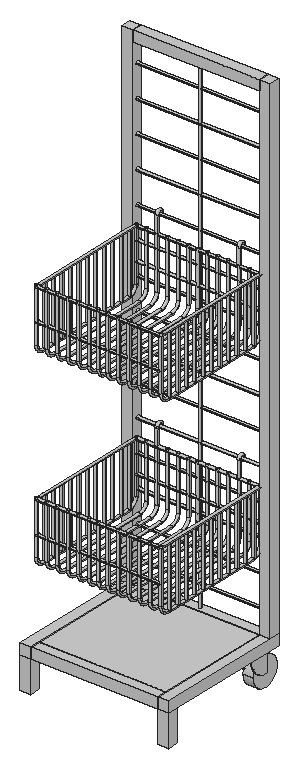
Revit family "TD", category Specialty Equipment, Revit 2012
Parameters (values of type "Trial Size Basket Displayer (Default)")
  URL = "http://madixinc.com/display/freestanding.html"
  Model = "Trial Size Basket Displayer"
  Manufacturer = "© 2012 Madix, Inc. All rights reserved."
  Baskets [instance] = yes
Reference planes (in)
  plane 1 "Center (Front/Back)": y = 0
  plane 2: z = 0
  plane 3 "Center (Left/Right)": x = 0
  plane 4: x = -7
  plane 5: x = 7
  plane 6: y = 6.5
  plane 7: y = -6.5
  plane 8: z = 3
  plane 9: z = 4
  plane 10: z = 51
  plane 11: x = -6
  plane 12: x = 6.875
  plane 13: x = 5.875
  plane 14: x = 5.75
  plane 15: z = 50
  plane 16: z = 27
  plane 17: x = 6
  plane 18: z = 16.38553
  plane 19: z = 10.62394
  plane 20: z = 17.75
  plane 21: z = 34.38553
  plane 22: z = 28.62394
  plane 23: z = 35.75
  plane 24: x = 6
Forms (in)
  Extrusion 1, solid, material "Metal - Steel"
    sketch origin (0, 0, 0) x (1, 0, 0) y (0, 1, 0)
      loop
        line (-7, 6.5) -> (-7, -6.5) -> (-6, -6.5) -> (-6, 6.5) -> (-7, 6.5)
      loop
        line (7, 6.5) -> (6, 6.5) -> (6, -6.5) -> (7, -6.5) -> (7, 6.5)
    from 3 to 4
  Extrusion 2, solid, material "Metal - Steel"
    sketch origin (0, 0, 0) x (1, 0, 0) y (0, 1, 0)
      loop
        line (-6, 6.5) -> (-7, 6.5) -> (-7, 5.5) -> (-6, 5.5) -> (-6, 6.5)
      loop
        line (6, 6.5) -> (6, 5.5) -> (7, 5.5) -> (7, 6.5) -> (6, 6.5)
    from 4 to 51
  Extrusion 3, solid, material "Metal - Steel"
    sketch origin (0, 0, 0) x (1, 0, 0) y (0, 1, 0)
      loop
        line (-7, -6.5) -> (-6, -6.5) -> (-6, -5.5) -> (-7, -5.5) -> (-7, -6.5)
      loop
        line (7, -6.5) -> (7, -5.5) -> (6, -5.5) -> (6, -6.5) -> (7, -6.5)
    from 0 to 3
  Extrusion 4, solid, material "Metal - Steel"
    sketch origin (0, 0, 0) x (1, 0, 0) y (0, 1, 0)
      loop
        line (-6, 5.5) -> (6, 5.5) -> (6, 6.5) -> (-6, 6.5) -> (-6, 5.5)
      loop
        line (-6, -5.5) -> (-6, -6.5) -> (6, -6.5) -> (6, -5.5) -> (-6, -5.5)
    from 3 to 4
  Extrusion 5, solid, material "Metal - Steel"
    sketch origin (0, 0, 0) x (1, 0, 0) y (0, 1, 0)
      loop
        line (-6, 5.5) -> (-6, -5.5) -> (6, -5.5) -> (6, 5.5) -> (-6, 5.5)
    from 3 to 4
  Extrusion 6, solid, material "Metal - Steel"
    sketch origin (0, 1.625, 0) x (0, 1, 0) y (0, 0, 1)
      loop
        circle (3.5, 1.375) r 1.375
    from 5.875 to 6.875
  Extrusion 7, solid, material "Metal - Steel"
    sketch origin (0, 0, 0) x (0, 1, 0) y (0, 0, 1)
      loop
        line (5.125, 1.25) -> (5.125, 3) -> (3.375, 3)
        arc (3.375, 3) -> (3.88756, 1.76256) -> (5.125, 1.25) r 1.75
    from 6.875 to 7
  Extrusion 8, solid, material "Metal - Steel"
    sketch origin (9.75, 0, 0) x (0, 1, 0) y (0, 0, -1)
      loop
        arc (5.125, -1.25) -> (3.88756, -1.76256) -> (3.375, -3) r 1.75
        line (3.375, -3) -> (5.125, -3) -> (5.125, -1.25)
    from 3.875 to 4
  Extrusion 9, solid, material "Metal - Steel"
    sketch origin (0, 0, 0) x (1, 0, 0) y (0, 1, 0)
      loop
        line (-6, 5.5) -> (6, 5.5) -> (6, 6.5) -> (-6, 6.5) -> (-6, 5.5)
    from 50 to 51
  Extrusion 10, solid, material "Metal - Steel"
    sketch origin (0, 0, 0) x (1, 0, 0) y (0, 1, 0)
      loop
        circle (0, 6) r 0.125
    from 4 to 50
  Extrusion 11, solid, material "Metal - Steel"
    sketch origin (0, 0, 0) x (0, 1, 0) y (0, 0, 1)
      loop
        circle (6, 27) r 0.125
      loop
        circle (6, 30) r 0.125
      loop
        circle (6, 33) r 0.125
      loop
        circle (6, 36) r 0.125
      loop
        circle (6, 39) r 0.125
      loop
        circle (6, 42) r 0.125
      loop
        circle (6, 45) r 0.125
      loop
        circle (6, 48) r 0.125
      loop
        circle (6, 24) r 0.125
      loop
        circle (6, 21) r 0.125
      loop
        circle (6, 18) r 0.125
      loop
        circle (6, 15) r 0.125
      loop
        circle (6, 12) r 0.125
      loop
        circle (6, 9) r 0.125
      loop
        circle (6, 6) r 0.125
    from -6 to 6
  Extrusion 12, solid, material "Metal - Steel"
    sketch origin (-9.75, 0, 0) x (0, 1, 0) y (0, 0, 1)
      loop
        line (5.125, 1.25) -> (5.125, 3) -> (3.375, 3)
        arc (3.375, 3) -> (3.88756, 1.76256) -> (5.125, 1.25) r 1.75
    from 3.875 to 4
  Extrusion 13, solid, material "Metal - Steel"
    sketch origin (0, 1.625, 0) x (0, 1, 0) y (0, 0, -1)
      loop
        circle (3.5, -1.375) r 1.375
    from 5.875 to 6.875
  Extrusion 14, solid, material "Metal - Steel"
    sketch origin (0, 0, 0) x (0, 1, 0) y (0, 0, -1)
      loop
        arc (5.125, -1.25) -> (3.88756, -1.76256) -> (3.375, -3) r 1.75
        line (3.375, -3) -> (5.125, -3) -> (5.125, -1.25)
    from 6.875 to 7
  Sweep 15, solid, material "Metal - Steel", visible <- "Baskets"
    path origin (0, 0, 0) x (0, 1, 0) y (0, 0, 1)
      loop
        line (5.875, 16.5) -> (5.875, 11.5)
        arc (5.875, 11.5) -> (5.58211, 10.79289) -> (4.875, 10.5) r 1
        line (4.875, 10.5) -> (-5.125, 10.5)
        arc (-5.125, 10.5) -> (-5.83211, 10.79289) -> (-6.125, 11.5) r 1
        line (-6.125, 11.5) -> (-6.125, 16.5)
    profile origin (0, 5.875, 14) x (1, 0, 0) y (0, 1, 0)
      loop
        circle (0, -0.125) r 0.125
      loop
        circle (5.875, -0.125) r 0.125
      loop
        circle (4.875, -0.125) r 0.125
      loop
        circle (3.875, -0.125) r 0.125
      loop
        circle (2.875, -0.125) r 0.125
      loop
        circle (1.875, -0.125) r 0.125
      loop
        circle (0.875, -0.125) r 0.125
      loop
        circle (-5.875, -0.125) r 0.125
      loop
        circle (-4.875, -0.125) r 0.125
      loop
        circle (-3.875, -0.125) r 0.125
      loop
        circle (-2.875, -0.125) r 0.125
      loop
        circle (-1.875, -0.125) r 0.125
      loop
        circle (-0.875, -0.125) r 0.125
  Extrusion 16, solid, material "Metal - Steel", visible <- "Baskets"
    sketch origin (0, 0, 0) x (0, 1, 0) y (0, 0, 1)
      loop
        circle (5.75, 16.375) r 0.125
      loop
        circle (-6, 16.375) r 0.125
      loop
        circle (-6, 13.375) r 0.125
      loop
        circle (5.75, 13.375) r 0.125
    from -5.875 to 5.875
  Extrusion 17, solid, material "Metal - Steel", visible <- "Baskets"
    sketch origin (0, 0, 18) x (1, 0, 0) y (0, 0, 1)
      loop
        circle (5.875, 16.375) r 0.125
      loop
        circle (-5.875, 16.375) r 0.12494
    from -5.88539 to 6.00848
  Extrusion 18, solid, material "Metal - Steel", visible <- "Baskets"
    sketch origin (0, 0, 0) x (1, 0, 0) y (0, 1, 0)
      loop
        circle (5.875, -4) r 0.125
      loop
        circle (5.875, -5) r 0.125
      loop
        circle (5.875, -3) r 0.125
      loop
        circle (5.875, -1) r 0.125
      loop
        circle (5.875, -2) r 0.125
      loop
        circle (5.875, 0) r 0.125
      loop
        circle (5.875, 4) r 0.125
      loop
        circle (5.875, 5) r 0.125
      loop
        circle (5.875, 3) r 0.125
      loop
        circle (5.875, 1) r 0.125
      loop
        circle (5.875, 2) r 0.125
      loop
        circle (-5.875, -4) r 0.125
      loop
        circle (-5.875, -5) r 0.125
      loop
        circle (-5.875, -3) r 0.125
      loop
        circle (-5.875, -1) r 0.125
      loop
        circle (-5.875, -2) r 0.125
      loop
        circle (-5.875, 0) r 0.125
      loop
        circle (-5.875, 4) r 0.125
      loop
        circle (-5.875, 5) r 0.125
      loop
        circle (-5.875, 3) r 0.125
      loop
        circle (-5.875, 1) r 0.125
      loop
        circle (-5.875, 2) r 0.125
    from 10.62394 to 16.38553
  Sweep 19, solid, material "Metal - Steel", visible <- "Baskets"
    path origin (0, 0, 0) x (0, 1, 0) y (0, 0, 1)
      loop
        line (5.875, 16.5) -> (5.875, 18)
        arc (5.875, 18) -> (6, 18.125) -> (6.125, 18) r 0.125
        line (6.125, 18) -> (6.125, 17.75)
    profile origin (0, 5.875, 17.25) x (0, -1, 0) y (1, 0, 0)
      loop
        circle (0.125, -3.875) r 0.125
      loop
        circle (0.125, 3.875) r 0.125
  Extrusion 20, solid, material "Metal - Steel", visible <- "Baskets"
    sketch origin (0, 0, 54) x (0, -1, 0) y (1, 0, 0)
      loop
        circle (4, 5.875) r 0.125
      loop
        circle (5, 5.875) r 0.125
      loop
        circle (3, 5.875) r 0.125
      loop
        circle (1, 5.875) r 0.125
      loop
        circle (2, 5.875) r 0.125
      loop
        circle (0, 5.875) r 0.125
      loop
        circle (-4, 5.875) r 0.125
      loop
        circle (-5, 5.875) r 0.125
      loop
        circle (-3, 5.875) r 0.125
      loop
        circle (-1, 5.875) r 0.125
      loop
        circle (-2, 5.875) r 0.125
      loop
        circle (4, -5.875) r 0.125
      loop
        circle (5, -5.875) r 0.125
      loop
        circle (3, -5.875) r 0.125
      loop
        circle (1, -5.875) r 0.125
      loop
        circle (2, -5.875) r 0.125
      loop
        circle (0, -5.875) r 0.125
      loop
        circle (-4, -5.875) r 0.125
      loop
        circle (-5, -5.875) r 0.125
      loop
        circle (-3, -5.875) r 0.125
      loop
        circle (-1, -5.875) r 0.125
      loop
        circle (-2, -5.875) r 0.125
    from -25.37606 to -19.61447
  Sweep 21, solid, material "Metal - Steel", visible <- "Baskets"
    path origin (0, 0, 18) x (0, 1, 0) y (0, 0, 1)
      loop
        line (5.875, 16.5) -> (5.875, 11.5)
        arc (5.875, 11.5) -> (5.58211, 10.79289) -> (4.875, 10.5) r 1
        line (4.875, 10.5) -> (-5.125, 10.5)
        arc (-5.125, 10.5) -> (-5.83211, 10.79289) -> (-6.125, 11.5) r 1
        line (-6.125, 11.5) -> (-6.125, 16.5)
    profile origin (0, 5.875, 32) x (1, 0, 0) y (0, 1, 0)
      loop
        circle (0, -0.125) r 0.125
      loop
        circle (5.875, -0.125) r 0.125
      loop
        circle (4.875, -0.125) r 0.125
      loop
        circle (3.875, -0.125) r 0.125
      loop
        circle (2.875, -0.125) r 0.125
      loop
        circle (1.875, -0.125) r 0.125
      loop
        circle (0.875, -0.125) r 0.125
      loop
        circle (-5.875, -0.125) r 0.125
      loop
        circle (-4.875, -0.125) r 0.125
      loop
        circle (-3.875, -0.125) r 0.125
      loop
        circle (-2.875, -0.125) r 0.125
      loop
        circle (-1.875, -0.125) r 0.125
      loop
        circle (-0.875, -0.125) r 0.125
  Extrusion 22, solid, material "Metal - Steel", visible <- "Baskets"
    sketch origin (0, 0, 18) x (0, 1, 0) y (0, 0, 1)
      loop
        circle (5.75, 16.375) r 0.125
      loop
        circle (-6, 16.375) r 0.125
      loop
        circle (-6, 13.375) r 0.125
      loop
        circle (5.75, 13.375) r 0.125
    from -5.875 to 5.875
  Extrusion 23, solid, material "Metal - Steel", visible <- "Baskets"
    sketch origin (0, 0, 0) x (1, 0, 0) y (0, 0, 1)
      loop
        circle (5.875, 16.375) r 0.125
      loop
        circle (-5.875, 16.375) r 0.12494
    from -5.74912 to 6.00848
  Sweep 24, solid, material "Metal - Steel", visible <- "Baskets"
    path origin (0, 0, 18) x (0, 1, 0) y (0, 0, 1)
      loop
        line (5.875, 16.5) -> (5.875, 18)
        arc (5.875, 18) -> (6, 18.125) -> (6.125, 18) r 0.125
        line (6.125, 18) -> (6.125, 17.75)
    profile origin (0, 5.875, 35.25) x (0, -1, 0) y (1, 0, 0)
      loop
        circle (0.125, -3.875) r 0.125
      loop
        circle (0.125, 3.875) r 0.125
Dimensions and locks (in)
  aligned and locked: level to plane 2
